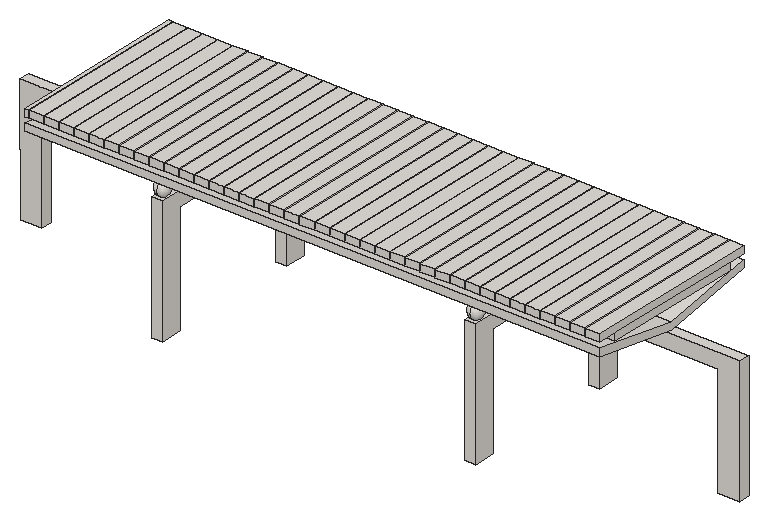
Revit family "BANCO BRASILEIRINHO 200X50", category Modelos genéricos, Revit 2024
Family settings
  Pode hospedar o vergalhão = Não
  Cota do conector redondo = Utilizar diâmetro
  Tipo de parte = Normal
  Com base no plano de trabalho = Não
  Sempre na vertical = Não
  Corte com vazios quando carregada = Não
  Manter orientação da anotação = Não
  Compartilhado = Não
  Ponto de cálculo do ambiente = Não
Parameters
  Elevação padrão = 0 m
Reference planes (m)
  plane 1 "Centro (Frente/Trás)": y = 0
  plane 2: z = -0.019952
  plane 3 "Centro (Esquerda/Direita)": x = 0
  plane 4: z = 0.580048
Forms (m)
  Extrusion 1, solid, not visible
    sketch origin (5.53069, 0.24, 0) x (0, 1, 0) y (0, 0, 1)
      loop
        line (-0.941493, 0) -> (-0.888285, 0) -> (-0.628349, 0.714166) -> (-0.681558, 0.714166) -> (-0.941493, 0)
    from 0 to 0.25
  Extrusion 2, solid, not visible
    sketch origin (5.53069, -0.24, 0) x (0, -1, 0) y (0, 0, -1)
      loop
        line (-0.941493, 0) -> (-0.681558, -0.714166) -> (-0.628349, -0.714166) -> (-0.888285, 0) -> (-0.941493, 0)
    from 0 to 0.25
  Extrusion 3, solid, not visible
    sketch origin (5.67069, 0, 0) x (0, 1, 0) y (0, 0, 1)
      loop
        line (-0.441558, 0.714166) -> (-0.441558, 0.664166) -> (0.419522, 0.664166) -> (0.419522, 0.714166) -> (-0.441558, 0.714166)
    from -0.14 to 0.11
  Extrusion 4, solid, not visible
    sketch origin (5.67069, 0, -0.5) x (0, 1, 0) y (0, 0, 1)
      loop
        line (-0.620478, 0.844166) -> (-0.620478, 0.744166) -> (0.629297, 0.744166) -> (0.629297, 0.844166) -> (-0.620478, 0.844166)
    from -0.04 to 0.01
  Extrusion 5, solid, not visible
    sketch origin (5.1, 0.015, -0.4) x (-1, 0, 0) y (0, 0, 1)
      loop
        line (-2.315001, 0.855004) -> (-2.315001, 0.695806) -> (0.741492, 0.695806) -> (0.741492, 0.855004) -> (-2.315001, 0.855004)
    from -0.04 to 0.01
  Extrusion 6, solid, not visible
    sketch origin (9.69612, 5.076919, -0.179952) x (-1, 0, 0) y (0, 0, 1)
      loop
        line (-0.941493, 0) -> (-0.888285, 0) -> (-0.628349, 0.714166) -> (-0.681558, 0.714166) -> (-0.941493, 0)
    from 0 to 0.25
  Extrusion 7, solid, not visible
    sketch origin (8.522613, 5.076919, -0.179952) x (1, 0, 0) y (0, 0, -1)
      loop
        line (-0.941493, 0) -> (-0.681558, -0.714166) -> (-0.628349, -0.714166) -> (-0.888285, 0) -> (-0.941493, 0)
    from 0 to 0.25
  Extrusion 8, solid, not visible
    sketch origin (8.347613, 5.201919, -0.179952) x (0, 1, 0) y (0, 0, 1)
      loop
        line (-0.125, 0.714166) -> (-0.125, 0.664166) -> (0.125, 0.664166) -> (0.125, 0.714166) -> (-0.125, 0.714166)
    from -0.484289 to 2.01
  Sweep 9, void, not visible
    path in 3D
      loop
        line (5.78069, 0.701493, 0) -> (5.78069, 0.438138, 0.723563)
    profile origin (5.78069, 0.569816, 0.361782) x (0, -0.939693, -0.34202) y (1, 0, 0)
      loop
        line (0, 0) -> (0, -0.014281) -> (0.01, 0) -> (0, 0)
  Sweep 10, void, not visible
    path in 3D
      loop
        line (5.53069, 0.701493, 0) -> (5.53069, 0.438138, 0.723563)
    profile origin (5.53069, 0.569816, 0.361782) x (0, 0.939693, 0.34202) y (-1, 0, 0)
      loop
        line (0, 0) -> (-0.01, 0) -> (0, -0.014281) -> (0, 0)
  Sweep 11, void, not visible
    path in 3D
      loop
        line (5.78069, -0.701493, 0) -> (5.78069, -0.438138, 0.723563)
    profile origin (5.78069, -0.569816, 0.361782) x (0, -0.939693, 0.34202) y (1, 0, 0)
      loop
        line (0, 0) -> (-0.01, 0) -> (0, -0.014281) -> (0, 0)
  Sweep 12, void, not visible
    path in 3D
      loop
        line (5.53069, -0.701493, 0) -> (5.53069, -0.438138, 0.723563)
    profile origin (5.53069, -0.569816, 0.361782) x (0, 0.939693, -0.34202) y (-1, 0, 0)
      loop
        line (0, 0) -> (0, -0.014281) -> (0.01, 0) -> (0, 0)
  Extrusion 13, void, not visible
    sketch origin (5.68069, 0, -0.5) x (0, -1, 0) y (0, 0, 1)
      loop
        line (0.68292, 0.889109) -> (0.559869, 0.889109) -> (0.617739, 0.730113) -> (0.68292, 0.730113) -> (0.68292, 0.889109)
    from 0 to 0.25
  Extrusion 14, void, not visible
    sketch origin (5.68069, -0.000404, -0.5) x (0, 1, 0) y (0, 0, -1)
      loop
        line (0.68292, -0.889109) -> (0.68292, -0.730113) -> (0.618143, -0.730113) -> (0.560273, -0.889109) -> (0.68292, -0.889109)
    from 0 to 0.295715
  Extrusion 15, solid, material "_LAMINADO DE MADEIRA"
    sketch origin (4.541188, 3.125601, 0.010339) x (0, -1, 0) y (0, 0, 1)
      loop
        line (2.842155, 0.133857) -> (3.092155, 0.089708) -> (3.342155, 0.133857) -> (3.342155, 0.154167) -> (3.092155, 0.110018) -> (2.842155, 0.154167) -> (2.842155, 0.133857)
    from 3.369793 to 4.969722
  Extrusion 16, solid, material "_LAMINADO DE MADEIRA"
    sketch origin (4.541188, -3.092155, -0.170279) x (-1, 0, 0) y (0, -1, 0)
      loop
        line (3.169722, -3.110601) -> (3.169722, -3.140601) -> (5.169722, -3.140601) -> (5.169722, -3.110601) -> (3.169722, -3.110601)
    from 0.230766 to 0.270326
  Extrusion 17, solid, material "_LAMINADO DE MADEIRA"
    sketch origin (4.541188, -3.125601, 0.0069) x (0, 1, 0) y (0, 0, -1)
      loop
        line (3.359047, -0.153107) -> (2.959047, -0.153107) -> (2.959047, -0.173107) -> (3.359047, -0.173107) -> (3.359047, -0.153107)
    from 3.369793 to 4.969722
  Extrusion 18, solid, material "_LAMINADO DE MADEIRA"
    sketch origin (3.16208, -3.322187, 0.000327) x (0, 1, 0) y (0, 0, -1)
      loop
        line (3.370633, 0.250279) -> (3.340633, 0.250279) -> (3.340633, -0.06016) -> (3.370633, -0.06016) -> (3.370633, 0.250279)
    from 3.730614 to 3.790614
  Extrusion 19, solid, material "_LAMINADO DE MADEIRA"
    sketch origin (-2.419147, -3.322187, 0.000327) x (0, 1, 0) y (0, 0, 1)
      loop
        line (3.370633, -0.250279) -> (3.370633, 0.06016) -> (3.340633, 0.06016) -> (3.340633, -0.250279) -> (3.370633, -0.250279)
    from 3.730614 to 3.790614
  Revolve 20, solid, material "_LAMINADO DE MADEIRA"
    sketch origin (0.807118, -3.094664, 0.005078) x (0, 1, 0) y (0, 0, -1)
      loop
        line (3.352509, -0.134996) -> (3.352509, -0.094996)
        arc (3.352509, -0.094996) -> (3.332509, -0.114996) -> (3.352509, -0.134996) r 0.02
      axis (3.352509, -0.134996) -> (3.352509, -0.094996)
    angle from 0 to 360
  Revolve 21, solid, material "_LAMINADO DE MADEIRA"
    sketch origin (0.807155, -3.544857, 0.009999) x (0, 1, 0) y (0, 0, -1)
      loop
        line (3.352509, -0.130048) -> (3.352509, -0.090048)
        arc (3.352509, -0.090048) -> (3.332509, -0.110048) -> (3.352509, -0.130048) r 0.02
      axis (3.352509, -0.130048) -> (3.352509, -0.090048)
    angle from 0 to 360
  Extrusion 22, solid, material "_LAMINADO DE MADEIRA"
    sketch origin (4.577036, -3.097213, 0) x (0, 1, 0) y (0, 0, -1)
      loop
        line (3.375659, 0.249952) -> (3.315659, 0.249952) -> (3.315659, -0.100048) -> (3.375659, -0.100048) -> (3.375659, 0.249952)
    from 3.755569 to 3.785569
  Extrusion 23, solid, material "_LAMINADO DE MADEIRA"
    sketch origin (4.577036, -3.547162, 0) x (0, 1, 0) y (0, 0, -1)
      loop
        line (3.395608, 0.249952) -> (3.335608, 0.249952) -> (3.335608, -0.100048) -> (3.395608, -0.100048) -> (3.395608, 0.249952)
    from 3.755569 to 3.785569
  Extrusion 24, solid, material "_LAMINADO DE MADEIRA"
    sketch origin (-2.319109, -4.326122, -0.170279) x (0, 1, 0) y (-1, 0, 0)
      loop
        line (4.174568, -3.140576) -> (4.344568, -3.140576) -> (4.344568, -3.110576) -> (4.174568, -3.110576) -> (4.174568, -3.140576)
    from 0.230766 to 0.270326
  Extrusion 25, solid, material "_LAMINADO DE MADEIRA"
    sketch origin (-2.299109, -4.086898, -0.170279) x (0, 1, 0) y (-1, 0, 0)
      loop
        line (4.135345, -3.120576) -> (4.305345, -3.120576) -> (4.305345, -3.090576) -> (4.135345, -3.090576) -> (4.135345, -3.120576)
    from 0.230766 to 0.270326
  Revolve 26, solid, material "_LAMINADO DE MADEIRA"
    sketch origin (-0.064185, -3.094664, 0.005078) x (0, 1, 0) y (0, 0, 1)
      loop
        arc (3.352509, 0.134996) -> (3.332509, 0.114996) -> (3.352509, 0.094996) r 0.02
        line (3.352509, 0.094996) -> (3.352509, 0.134996)
      axis (3.352509, 0.134996) -> (3.352509, 0.094996)
    angle from 0 to 360
  Revolve 27, solid, material "_LAMINADO DE MADEIRA"
    sketch origin (-0.064222, -3.544857, 0.009999) x (0, 1, 0) y (0, 0, 1)
      loop
        arc (3.352509, 0.130048) -> (3.332509, 0.110048) -> (3.352509, 0.090048) r 0.02
        line (3.352509, 0.090048) -> (3.352509, 0.130048)
      axis (3.352509, 0.130048) -> (3.352509, 0.090048)
    angle from 0 to 360
  Extrusion 28, solid, material "_LAMINADO DE MADEIRA"
    sketch origin (-3.834103, -3.097213, 0) x (0, 1, 0) y (0, 0, 1)
      loop
        line (3.375659, -0.249952) -> (3.375659, 0.100048) -> (3.315659, 0.100048) -> (3.315659, -0.249952) -> (3.375659, -0.249952)
    from 3.755569 to 3.785569
  Extrusion 29, solid, material "_LAMINADO DE MADEIRA"
    sketch origin (-3.834103, -3.547162, 0) x (0, 1, 0) y (0, 0, 1)
      loop
        line (3.395608, -0.249952) -> (3.395608, 0.100048) -> (3.335608, 0.100048) -> (3.335608, -0.249952) -> (3.395608, -0.249952)
    from 3.755569 to 3.785569
  Extrusion 30, solid, material "_LAMINADO DE MADEIRA"
    sketch origin (-3.189109, -4.326122, -0.170279) x (0, 1, 0) y (-1, 0, 0)
      loop
        line (4.174568, -3.140576) -> (4.344568, -3.140576) -> (4.344568, -3.110576) -> (4.174568, -3.110576) -> (4.174568, -3.140576)
    from 0.230766 to 0.270326
  Extrusion 31, solid, material "_LAMINADO DE MADEIRA"
    sketch origin (-3.169109, -4.086898, -0.170279) x (0, 1, 0) y (-1, 0, 0)
      loop
        line (4.135345, -3.120576) -> (4.305345, -3.120576) -> (4.305345, -3.090576) -> (4.135345, -3.090576) -> (4.135345, -3.120576)
    from 0.230766 to 0.270326
  Extrusion 32, solid, material "_LAMINADO DE MADEIRA"
    sketch origin (4.641025, -3.125601, -0.173052) x (-1, 0, 0) y (0, -1, 0)
      loop
        line (3.509629, -3.409047) -> (3.509629, -2.909047) -> (3.469629, -2.909047) -> (3.469629, -3.409047) -> (3.509629, -3.409047)
    from 0.353059 to 0.373059
  Extrusion 33, solid, material "_LAMINADO DE MADEIRA"
    sketch origin (4.599207, -3.125601, -0.173052) x (-1, 0, 0) y (0, -1, 0)
      loop
        line (3.509629, -3.409047) -> (3.509629, -2.909047) -> (3.469629, -2.909047) -> (3.469629, -3.409047) -> (3.509629, -3.409047)
    from 0.353059 to 0.3731
  Extrusion 34, solid, material "_LAMINADO DE MADEIRA"
    sketch origin (4.557389, -3.125601, -0.173052) x (-1, 0, 0) y (0, -1, 0)
      loop
        line (3.509629, -3.409047) -> (3.509629, -2.909047) -> (3.469629, -2.909047) -> (3.469629, -3.409047) -> (3.509629, -3.409047)
    from 0.353059 to 0.3731
  Extrusion 35, solid, material "_LAMINADO DE MADEIRA"
    sketch origin (4.515571, -3.125601, -0.173052) x (-1, 0, 0) y (0, -1, 0)
      loop
        line (3.509629, -3.409047) -> (3.509629, -2.909047) -> (3.469629, -2.909047) -> (3.469629, -3.409047) -> (3.509629, -3.409047)
    from 0.353059 to 0.3731
  Extrusion 36, solid, material "_LAMINADO DE MADEIRA"
    sketch origin (4.473753, -3.125601, -0.173052) x (-1, 0, 0) y (0, -1, 0)
      loop
        line (3.509629, -3.409047) -> (3.509629, -2.909047) -> (3.469629, -2.909047) -> (3.469629, -3.409047) -> (3.509629, -3.409047)
    from 0.353059 to 0.3731
  Extrusion 37, solid, material "_LAMINADO DE MADEIRA"
    sketch origin (4.431935, -3.125601, -0.173052) x (-1, 0, 0) y (0, -1, 0)
      loop
        line (3.509629, -3.409047) -> (3.509629, -2.909047) -> (3.469629, -2.909047) -> (3.469629, -3.409047) -> (3.509629, -3.409047)
    from 0.353059 to 0.3731
  Extrusion 38, solid, material "_LAMINADO DE MADEIRA"
    sketch origin (4.390117, -3.125601, -0.173052) x (-1, 0, 0) y (0, -1, 0)
      loop
        line (3.509629, -3.409047) -> (3.509629, -2.909047) -> (3.469629, -2.909047) -> (3.469629, -3.409047) -> (3.509629, -3.409047)
    from 0.353059 to 0.3731
  Extrusion 39, solid, material "_LAMINADO DE MADEIRA"
    sketch origin (4.348299, -3.125601, -0.173052) x (-1, 0, 0) y (0, -1, 0)
      loop
        line (3.509629, -3.409047) -> (3.509629, -2.909047) -> (3.469629, -2.909047) -> (3.469629, -3.409047) -> (3.509629, -3.409047)
    from 0.353059 to 0.3731
  Extrusion 40, solid, material "_LAMINADO DE MADEIRA"
    sketch origin (4.306481, -3.125601, -0.173052) x (-1, 0, 0) y (0, -1, 0)
      loop
        line (3.509629, -3.409047) -> (3.509629, -2.909047) -> (3.469629, -2.909047) -> (3.469629, -3.409047) -> (3.509629, -3.409047)
    from 0.353059 to 0.3731
  Extrusion 41, solid, material "_LAMINADO DE MADEIRA"
    sketch origin (4.264663, -3.125601, -0.173052) x (-1, 0, 0) y (0, -1, 0)
      loop
        line (3.509629, -3.409047) -> (3.509629, -2.909047) -> (3.469629, -2.909047) -> (3.469629, -3.409047) -> (3.509629, -3.409047)
    from 0.353059 to 0.3731
  Extrusion 42, solid, material "_LAMINADO DE MADEIRA"
    sketch origin (4.222845, -3.125601, -0.173052) x (-1, 0, 0) y (0, -1, 0)
      loop
        line (3.509629, -3.409047) -> (3.509629, -2.909047) -> (3.469629, -2.909047) -> (3.469629, -3.409047) -> (3.509629, -3.409047)
    from 0.353059 to 0.3731
  Extrusion 43, solid, material "_LAMINADO DE MADEIRA"
    sketch origin (4.181027, -3.125601, -0.173052) x (-1, 0, 0) y (0, -1, 0)
      loop
        line (3.509629, -3.409047) -> (3.509629, -2.909047) -> (3.469629, -2.909047) -> (3.469629, -3.409047) -> (3.509629, -3.409047)
    from 0.353059 to 0.3731
  Extrusion 44, solid, material "_LAMINADO DE MADEIRA"
    sketch origin (4.139209, -3.125601, -0.173052) x (-1, 0, 0) y (0, -1, 0)
      loop
        line (3.509629, -3.409047) -> (3.509629, -2.909047) -> (3.469629, -2.909047) -> (3.469629, -3.409047) -> (3.509629, -3.409047)
    from 0.353059 to 0.3731
  Extrusion 45, solid, material "_LAMINADO DE MADEIRA"
    sketch origin (4.097391, -3.125601, -0.173052) x (-1, 0, 0) y (0, -1, 0)
      loop
        line (3.509629, -3.409047) -> (3.509629, -2.909047) -> (3.469629, -2.909047) -> (3.469629, -3.409047) -> (3.509629, -3.409047)
    from 0.353059 to 0.3731
  Extrusion 46, solid, material "_LAMINADO DE MADEIRA"
    sketch origin (4.055573, -3.125601, -0.173052) x (-1, 0, 0) y (0, -1, 0)
      loop
        line (3.509629, -3.409047) -> (3.509629, -2.909047) -> (3.469629, -2.909047) -> (3.469629, -3.409047) -> (3.509629, -3.409047)
    from 0.353059 to 0.3731
  Extrusion 47, solid, material "_LAMINADO DE MADEIRA"
    sketch origin (4.013755, -3.125601, -0.173052) x (-1, 0, 0) y (0, -1, 0)
      loop
        line (3.509629, -3.409047) -> (3.509629, -2.909047) -> (3.469629, -2.909047) -> (3.469629, -3.409047) -> (3.509629, -3.409047)
    from 0.353059 to 0.3731
  Extrusion 48, solid, material "_LAMINADO DE MADEIRA"
    sketch origin (3.971937, -3.125601, -0.173052) x (-1, 0, 0) y (0, -1, 0)
      loop
        line (3.509629, -3.409047) -> (3.509629, -2.909047) -> (3.469629, -2.909047) -> (3.469629, -3.409047) -> (3.509629, -3.409047)
    from 0.353059 to 0.3731
  Extrusion 49, solid, material "_LAMINADO DE MADEIRA"
    sketch origin (3.930119, -3.125601, -0.173052) x (-1, 0, 0) y (0, -1, 0)
      loop
        line (3.509629, -3.409047) -> (3.509629, -2.909047) -> (3.469629, -2.909047) -> (3.469629, -3.409047) -> (3.509629, -3.409047)
    from 0.353059 to 0.3731
  Extrusion 50, solid, material "_LAMINADO DE MADEIRA"
    sketch origin (3.888301, -3.125601, -0.173052) x (-1, 0, 0) y (0, -1, 0)
      loop
        line (3.509629, -3.409047) -> (3.509629, -2.909047) -> (3.469629, -2.909047) -> (3.469629, -3.409047) -> (3.509629, -3.409047)
    from 0.353059 to 0.3731
  Extrusion 51, solid, material "_LAMINADO DE MADEIRA"
    sketch origin (3.846483, -3.125601, -0.173052) x (-1, 0, 0) y (0, -1, 0)
      loop
        line (3.509629, -3.409047) -> (3.509629, -2.909047) -> (3.469629, -2.909047) -> (3.469629, -3.409047) -> (3.509629, -3.409047)
    from 0.353059 to 0.3731
  Extrusion 52, solid, material "_LAMINADO DE MADEIRA"
    sketch origin (3.804665, -3.125601, -0.173052) x (-1, 0, 0) y (0, -1, 0)
      loop
        line (3.509629, -3.409047) -> (3.509629, -2.909047) -> (3.469629, -2.909047) -> (3.469629, -3.409047) -> (3.509629, -3.409047)
    from 0.353059 to 0.3731
  Extrusion 53, solid, material "_LAMINADO DE MADEIRA"
    sketch origin (3.762847, -3.125601, -0.173052) x (-1, 0, 0) y (0, -1, 0)
      loop
        line (3.509629, -3.409047) -> (3.509629, -2.909047) -> (3.469629, -2.909047) -> (3.469629, -3.409047) -> (3.509629, -3.409047)
    from 0.353059 to 0.3731
  Extrusion 54, solid, material "_LAMINADO DE MADEIRA"
    sketch origin (3.721029, -3.125601, -0.173052) x (-1, 0, 0) y (0, -1, 0)
      loop
        line (3.509629, -3.409047) -> (3.509629, -2.909047) -> (3.469629, -2.909047) -> (3.469629, -3.409047) -> (3.509629, -3.409047)
    from 0.353059 to 0.3731
  Extrusion 55, solid, material "_LAMINADO DE MADEIRA"
    sketch origin (3.679211, -3.125601, -0.173052) x (-1, 0, 0) y (0, -1, 0)
      loop
        line (3.509629, -3.409047) -> (3.509629, -2.909047) -> (3.469629, -2.909047) -> (3.469629, -3.409047) -> (3.509629, -3.409047)
    from 0.353059 to 0.3731
  Extrusion 56, solid, material "_LAMINADO DE MADEIRA"
    sketch origin (3.637393, -3.125601, -0.173052) x (-1, 0, 0) y (0, -1, 0)
      loop
        line (3.509629, -3.409047) -> (3.509629, -2.909047) -> (3.469629, -2.909047) -> (3.469629, -3.409047) -> (3.509629, -3.409047)
    from 0.353059 to 0.3731
  Extrusion 57, solid, material "_LAMINADO DE MADEIRA"
    sketch origin (3.595575, -3.125601, -0.173052) x (-1, 0, 0) y (0, -1, 0)
      loop
        line (3.509629, -3.409047) -> (3.509629, -2.909047) -> (3.469629, -2.909047) -> (3.469629, -3.409047) -> (3.509629, -3.409047)
    from 0.353059 to 0.3731
  Extrusion 58, solid, material "_LAMINADO DE MADEIRA"
    sketch origin (3.553757, -3.125601, -0.173052) x (-1, 0, 0) y (0, -1, 0)
      loop
        line (3.509629, -3.409047) -> (3.509629, -2.909047) -> (3.469629, -2.909047) -> (3.469629, -3.409047) -> (3.509629, -3.409047)
    from 0.353059 to 0.3731
  Extrusion 59, solid, material "_LAMINADO DE MADEIRA"
    sketch origin (3.51194, -3.125601, -0.173052) x (-1, 0, 0) y (0, -1, 0)
      loop
        line (3.509629, -3.409047) -> (3.509629, -2.909047) -> (3.469629, -2.909047) -> (3.469629, -3.409047) -> (3.509629, -3.409047)
    from 0.353059 to 0.3731
  Extrusion 60, solid, material "_LAMINADO DE MADEIRA"
    sketch origin (3.470122, -3.125601, -0.173052) x (-1, 0, 0) y (0, -1, 0)
      loop
        line (3.509629, -3.409047) -> (3.509629, -2.909047) -> (3.469629, -2.909047) -> (3.469629, -3.409047) -> (3.509629, -3.409047)
    from 0.353059 to 0.3731
  Extrusion 61, solid, material "_LAMINADO DE MADEIRA"
    sketch origin (3.428304, -3.125601, -0.173052) x (-1, 0, 0) y (0, -1, 0)
      loop
        line (3.509629, -3.409047) -> (3.509629, -2.909047) -> (3.469629, -2.909047) -> (3.469629, -3.409047) -> (3.509629, -3.409047)
    from 0.353059 to 0.3731
  Extrusion 62, solid, material "_LAMINADO DE MADEIRA"
    sketch origin (3.386486, -3.125601, -0.173052) x (-1, 0, 0) y (0, -1, 0)
      loop
        line (3.509629, -3.409047) -> (3.509629, -2.909047) -> (3.469629, -2.909047) -> (3.469629, -3.409047) -> (3.509629, -3.409047)
    from 0.353059 to 0.3731
  Extrusion 63, solid, material "_LAMINADO DE MADEIRA"
    sketch origin (3.344668, -3.125601, -0.173052) x (-1, 0, 0) y (0, -1, 0)
      loop
        line (3.509629, -3.409047) -> (3.509629, -2.909047) -> (3.469629, -2.909047) -> (3.469629, -3.409047) -> (3.509629, -3.409047)
    from 0.353059 to 0.3731
  Extrusion 64, solid, material "_LAMINADO DE MADEIRA"
    sketch origin (3.30285, -3.125601, -0.173052) x (-1, 0, 0) y (0, -1, 0)
      loop
        line (3.509629, -3.409047) -> (3.509629, -2.909047) -> (3.469629, -2.909047) -> (3.469629, -3.409047) -> (3.509629, -3.409047)
    from 0.353059 to 0.3731
  Extrusion 65, solid, material "_LAMINADO DE MADEIRA"
    sketch origin (3.261032, -3.125601, -0.173052) x (-1, 0, 0) y (0, -1, 0)
      loop
        line (3.509629, -3.409047) -> (3.509629, -2.909047) -> (3.469629, -2.909047) -> (3.469629, -3.409047) -> (3.509629, -3.409047)
    from 0.353059 to 0.3731
  Extrusion 66, solid, material "_LAMINADO DE MADEIRA"
    sketch origin (3.219214, -3.125601, -0.173052) x (-1, 0, 0) y (0, -1, 0)
      loop
        line (3.509629, -3.409047) -> (3.509629, -2.909047) -> (3.469629, -2.909047) -> (3.469629, -3.409047) -> (3.509629, -3.409047)
    from 0.353059 to 0.3731
  Extrusion 67, solid, material "_LAMINADO DE MADEIRA"
    sketch origin (3.177396, -3.125601, -0.173052) x (-1, 0, 0) y (0, -1, 0)
      loop
        line (3.509629, -3.409047) -> (3.509629, -2.909047) -> (3.469629, -2.909047) -> (3.469629, -3.409047) -> (3.509629, -3.409047)
    from 0.353059 to 0.3731
  Extrusion 68, solid, material "_LAMINADO DE MADEIRA"
    sketch origin (3.135578, -3.125601, -0.173052) x (-1, 0, 0) y (0, -1, 0)
      loop
        line (3.509629, -3.409047) -> (3.509629, -2.909047) -> (3.469629, -2.909047) -> (3.469629, -3.409047) -> (3.509629, -3.409047)
    from 0.353059 to 0.3731
  Extrusion 69, solid, material "_LAMINADO DE MADEIRA"
    sketch origin (3.09376, -3.125601, -0.173052) x (-1, 0, 0) y (0, -1, 0)
      loop
        line (3.509629, -3.409047) -> (3.509629, -2.909047) -> (3.469629, -2.909047) -> (3.469629, -3.409047) -> (3.509629, -3.409047)
    from 0.353059 to 0.3731
  Extrusion 70, solid, material "_LAMINADO DE MADEIRA"
    sketch origin (3.051942, -3.125601, -0.173052) x (-1, 0, 0) y (0, -1, 0)
      loop
        line (3.480475, -3.409047) -> (3.480475, -2.909047) -> (3.469629, -2.909047) -> (3.469629, -3.409047) -> (3.480475, -3.409047)
    from 0.353059 to 0.3731
  Extrusion 71, solid, material "_LAMINADO DE MADEIRA"
    sketch origin (4.729642, -3.125601, -0.00839) x (0, 1, 0) y (0, 0, -1)
      loop
        line (3.159047, -0.128747) -> (2.989047, -0.158769) -> (2.989047, -0.168397) -> (3.329047, -0.168397) -> (3.329047, -0.158769) -> (3.159047, -0.128747)
    from 4.989885 to 5.008175
  Extrusion 72, solid, material "_LAMINADO DE MADEIRA"
    sketch origin (-3.986779, -3.125601, -0.00839) x (0, 1, 0) y (0, 0, 1)
      loop
        line (3.159047, 0.128747) -> (3.329047, 0.158769) -> (3.329047, 0.168397) -> (2.989047, 0.168397) -> (2.989047, 0.158769) -> (3.159047, 0.128747)
    from 4.989885 to 5.008175
  Extrusion 73, solid, material "_LAMINADO DE MADEIRA"
    sketch origin (5.158786, -3.125601, 0.001765) x (0, 1, 0) y (0, 0, -1)
      loop
        line (2.989047, -0.148614) -> (2.989047, -0.158242) -> (3.329047, -0.158242) -> (3.329047, -0.148614) -> (3.159047, -0.118593) -> (2.989047, -0.148614)
    from 4.989885 to 5.008175
  Extrusion 74, solid, material "_LAMINADO DE MADEIRA"
    sketch origin (-4.419274, -3.125601, 0.001765) x (0, 1, 0) y (0, 0, 1)
      loop
        line (2.989047, 0.148614) -> (3.159047, 0.118593) -> (3.329047, 0.148614) -> (3.329047, 0.158242) -> (2.989047, 0.158242) -> (2.989047, 0.148614)
    from 4.989885 to 5.008175
Cuts and joins
  joined: Extrusion 16, Extrusion 18, Extrusion 19
  joined: Extrusion 23, Extrusion 24
  joined: Extrusion 22, Extrusion 25
  joined: Extrusion 28, Extrusion 31
  joined: Extrusion 29, Extrusion 30
Lines and regions (m)
  sketch lines, not visible
    curve 1: line (5.78069, 0.701493, 0) -> (5.78069, 0.438138, 0.723563)
    curve 2: line (5.53069, 0.701493, 0) -> (5.53069, 0.438138, 0.723563)
    curve 3: line (5.78069, -0.701493, 0) -> (5.78069, -0.438138, 0.723563)
    curve 4: line (5.53069, -0.701493, 0) -> (5.53069, -0.438138, 0.723563)
Dimensions and locks (m)
  aligned and locked: level to plane 2
